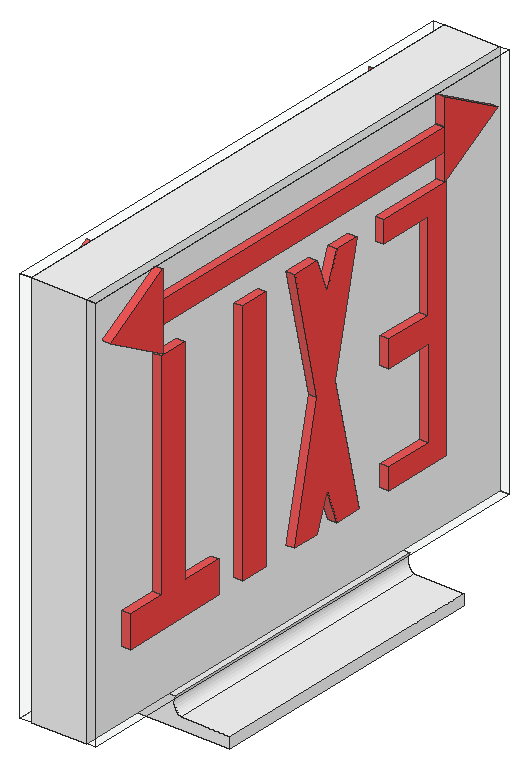
Revit family "CLS_Ceiling", category Lighting Fixtures, host Face, Revit 2021
Family settings
  Host = Face
  Round Connector Dimension = Use Diameter
  Part Type = Normal
  OmniClass Number = 23.80.70.11.21
  OmniClass Title = Emergency Lighting
  Cut with Voids When Loaded = No
  Light Source = No
  Shared = No
  Room Calculation Point = No
Parameters (values of type "CLS-D-EXIT-Double_Arrow")
  zz Length 1 [instance] = if([EXIT - Single Face], 0.200", 0.250")  # 0.200"
  Watts = 3.72 W
  Wattage Comments = "3.72 W"
  Warranty = "Fixture: 5 Years Full; Battery: 2 Years Full, 8 Years Pro-Rata"  # constant formula
  Wall Plate Material = Black
  Voltage [instance] = if(Is 120VAC, 120 V, 277 V)  # 120 V
  URL = "www.currentlighting.com/dual-Lite"
  Type Comments = "Exit Light"  # constant formula
  Product Page URL = ""
  Product Documentation Link = ""
  EXIT - Single Face = yes
  STAIR - Single Face = no
  STAIR - Double Face = no
  Right Arrow - Single = yes
  Right Arrow - Double = yes
  Model = "CLS"
  Manufacturer = "DUAL-LITE"  # constant formula
  Load Classification = Lighting
  Lens = Red Glass
  Left Arrow - Single = yes
  Left Arrow - Double = yes
  Lamp = "LED Lamp"  # constant formula
  Is 277VAC [instance] = not(Is 120VAC)  # no
  Is 120VAC [instance] = yes
  Holder Material = Steel
  Glass = Glass
  Finish = White
  Features = "Improved one-piece design in AC or emergency operation\r\nHighly reliable and energy efficient LED illumination\r\nLong lasting Nickel Cadmium Battery\r\nGlass panels with EXIT or STAIRS"  # constant formula
  End = C : C1
  EXIT - Double Face = yes
  Description = "The CLS Series offers bright and even LED EXIT or STAIRS glass panel illumination with Red letters, white LED's and a 20 gauge, durable steel housing. Features include AC or Emergency operation in single or double face. 120/277 VAC input. City of Chicago approved."  # constant formula
  Default Elevation = 48.000"
  Certification = "UL 924 Listed\r\nNFPA 101 Life Safety Code\r\nCEC T20 Compliant"  # constant formula
  Arrow Base - Single = yes
  Arrow Base - Double = yes
  Application = "The Sempra® MR Series are a set of compact, low-profile Master/\r\nRemote exit sign featuring cast aluminum construction. It allows for\r\neasy installation and has energy saving, long-life LED lamps. "  # constant formula
  Apparent Load = Watts  # 3.72 VA
Types (16): name | zz Length 1 | EXIT - Single Face | STAIR - Single Face | STAIR - Double Face | Right Arrow - Single | Right Arrow - Double | Left Arrow - Single | Left Arrow - Double | Glass | EXIT - Double Face | Arrow Base - Single | Arrow Base - Double
  CLS-S-EXIT-No_arrows | 0.200" | yes | no | no | no | no | no | no | Glass | no | no | no
  CLS-S-EXIT-Right_Arrow | 0.200" | yes | no | no | yes | no | no | no | light Glass | no | yes | no
  CLS-S-EXIT-Left_Arrow | 0.200" | yes | no | no | no | no | yes | no | light Glass | no | yes | no
  CLS-S-EXIT-Double_Arrow | 0.200" | yes | no | no | yes | no | yes | no | light Glass | no | yes | no
  CLS-D-EXIT-No_Arrows | 0.200" | yes | no | no | no | no | no | no | light Glass | yes | no | no
  CLS-D-EXIT-Left_Arrow | 0.200" | yes | no | no | no | yes | yes | no | light Glass | yes | yes | yes
  CLS-D-EXIT-Right_Arrow | 0.200" | yes | no | no | yes | no | no | yes | light Glass | yes | yes | yes
  CLS-D-EXIT-Double_Arrow | 0.200" | yes | no | no | yes | yes | yes | yes | Glass | yes | yes | yes
  CLS-S-STAIRS-No_Arrows | 0.250" | no | yes | no | no | no | no | no | Glass | no | no | no
  CLS-S-STAIRS-Right_Arrow | 0.250" | no | yes | no | yes | no | no | no | Glass | no | yes | no
  CLS-S-STAIRS-Left_Arrow | 0.250" | no | yes | no | no | no | yes | no | Glass | no | yes | no
  CLS-S-STAIRS-Double_Arrow | 0.250" | no | yes | no | yes | no | yes | no | Glass | no | yes | no
  CLS-D-STAIRS-No_Arrow | 0.250" | no | yes | yes | no | no | no | no | Glass | no | no | no
  CLS-D-STAIRS-Right_Arrow | 0.250" | no | yes | yes | yes | no | no | yes | Glass | no | yes | yes
  CLS-D-STAIRS-Left_Arrow | 0.250" | no | yes | yes | no | yes | yes | no | Glass | no | yes | yes
  CLS-D-STAIRS-Double_Arrow | 0.250" | no | yes | yes | yes | yes | yes | yes | Glass | no | yes | yes
Reference planes (in)
  plane 1 "Center (Front/Back)": y = 0
  plane 2: z = 0
  plane 3 "Center (Left/Right)": x = 0
  plane 4: x = -6.25
  plane 5: x = 6.25
  plane 6: x = -2.75
  plane 7: x = 2.75
  plane 8: z = 9.3
  plane 9: y = -1.25
  plane 10: y = 1.25
  plane 11: y = -2.2
  plane 12: y = 2.2
Forms (in)
  Extrusion 1, solid, material "White"
    sketch origin (-0.33698, -0.33698, 0) x (1, 0, 0) y (0, 0, 1)
      loop
        line (2.20258, 0) -> (2.20258, 0.24288) -> (1.0795, 0.24288)
        arc (1.0795, 0.24288) -> (0.94157, 0.42301) -> (0.97906, 0.64676) r 0.28476
        line (0.97906, 0.64676) -> (-0.97906, 0.64676)
        arc (-0.97906, 0.64676) -> (-0.94157, 0.42301) -> (-1.0795, 0.24288) r 0.28476
        line (-1.0795, 0.24288) -> (-2.20258, 0.24288) -> (-2.20258, 0) -> (2.20258, 0)
    from -3.46752 to 3.16302
Dimensions and locks (in)
  plane 4 to plane 3 "Center (Left/Right)" = 6.250"
  equal spacing: plane 4, plane 3 "Center (Left/Right)", plane 5
  equal spacing: plane 6, plane 3 "Center (Left/Right)", plane 7
  plane 6 to plane 3 "Center (Left/Right)" = 2.750"
  plane 7 to plane 6 = 5.500"
  plane 5 to plane 4 = 12.500"
  aligned and locked: plane 2 to host face
  aligned and locked: level to host face
Automatic sketch dimensions
  host sketch curve to host sketch curve = 96.000"  (x2)
  Extrusion 1 sketch curve to level = 0.000"
  plane 6 to Extrusion 1 sketch curve = 0.21043"
  level to Extrusion 1 sketch curve = 0.49173"
  Extrusion 1 sketch curve to Extrusion 1 sketch curve = 0.98467"
  Extrusion 1 sketch curve to Extrusion 1 sketch curve = 0.13842"  (x2)
  Extrusion 1 sketch curve to Extrusion 1 sketch curve = 0.23886"
  plane 3 "Center (Left/Right)" to Extrusion 1 sketch curve = 0.64208"
  Extrusion 1 sketch curve to Extrusion 1 sketch curve = 0.10044"
  level to Extrusion 1 sketch curve = 0.24288"
  Extrusion 1 sketch curve to plane 7 = 0.8844"
  Extrusion 1 sketch curve to Extrusion 1 sketch curve = 0.24288"
Nested families (in)
  nested 1: "C" at (-0.14499, 0, -0.73324) x (0, -1, 0) z (0, 0, 1), type <- "End", type "C1"
Connectors (in)
  electrical at (-0.33698, -0.18473, 0), driven by "Voltage", driven by "Apparent Load"
    settings: on Extrusion 1, index 1, voltage 120 V, apparent load 3.72 VA, apparent load phase1 0 VA, apparent load phase2 0 VA, apparent load phase3 0 VA, power factor 1, load classification "Other", number of poles 1, system type 30, power factor state 1, is connector primary yes, connector utility no, sub classification motor no, connector description "Lighting Connector"
Definition of nested family "C"
  Parameters
    STAIRS-Single Face = yes
    STAIRS-Double Face = yes
    EXIT-Single Face = yes
    Right Arrow - Single = yes
    Right Arrow - Double = yes
    Lens = none
    Left Arrow - Single = yes
    Left Arrow - Double = yes
    Glass = none
    Finish = none
    EXIT-Double Face = yes
    Default Elevation = 0.000"
    Arrow base-Double = yes
    Arrow base - Single = yes
  Reference planes (in)
    plane 1 "Center (Front/Back)": y = 0
    plane 2: z = 0
    plane 3 "Center (Left/Right)": x = 0
    plane 4: x = -5.625
    plane 5: x = 5.625
    plane 6: y = 0.866
    plane 7: y = -0.866
    plane 8: z = 12.375
  Forms (in)
    Extrusion 1, solid, material <- "Finish"
      sketch origin (0, 0.02507, 10.68) x (-1, 0, 0) y (0, 0, -1)
        loop
          line (-5.875, 9.3) -> (-5.875, 0.25) -> (5.875, 0.25) -> (5.875, 9.3) -> (-5.875, 9.3)
      from -0.625 to 0.625
    Extrusion 2, solid, material <- "Lens", visible <- "EXIT-Single Face"
      sketch origin (0, 0.02507, 2.07542) x (1, 0, 0) y (0, 0, 1)
        loop
          line (2.43416, 6.45678) -> (2.43416, 5.97564) -> (3.5716, 5.97564) -> (3.5716, 3.97225) -> (2.43416, 3.97225) -> (2.43416, 3.36683) -> (3.55274, 3.3823) -> (3.55274, 1.3823) -> (2.30274, 1.3823) -> (2.30274, 0.8823) -> (4.05274, 0.8823) -> (4.05274, 6.45678) -> (2.43416, 6.45678)
        loop
          line (1.58093, 6.45573) -> (0.95036, 6.45573) -> (0.67318, 5.69418) -> (0.396, 6.45573) -> (-0.23457, 6.45573) -> (0.40867, 3.66954) -> (-0.23457, 0.88335) -> (0.396, 0.88335) -> (0.67318, 1.64489) -> (0.95036, 0.88335) -> (1.53078, 0.88335) -> (0.91261, 3.56092) -> (1.58093, 6.45573)
        loop
          line (-1.71319, 6.47228) -> (-1.71319, 0.88335) -> (-1.04357, 0.88335) -> (-1.04357, 6.47228) -> (-1.71319, 6.47228)
        loop
          line (-2.31807, 1.07085) -> (-2.31807, 1.80238) -> (-3.19038, 1.80238) -> (-3.19038, 6.65978) -> (-3.86, 6.65978) -> (-3.86, 1.80238) -> (-4.82984, 1.80238) -> (-4.82984, 1.07085) -> (-2.31807, 1.07085)
      from 0.625 to 0.89107
    Extrusion 3, solid, material <- "Glass", visible <- "EXIT-Single Face"
      sketch origin (0, 0.02507, 10.68) x (-1, 0, 0) y (0, 0, -1)
        loop
          line (-5.875, 9.305) -> (-5.875, 0.25) -> (5.875, 0.25) -> (5.875, 9.305) -> (-5.875, 9.305)
      from 0.625 to 0.89107
    Extrusion 4, solid, material <- "Lens", visible <- "EXIT-Double Face"
      sketch origin (0, 0.02507, 9.43) x (-1, 0, 0) y (0, 0, 1)
        loop
          line (2.43416, -6.45678) -> (4.05274, -6.45678) -> (4.05274, -0.8823) -> (2.30274, -0.8823) -> (2.30274, -1.3823) -> (3.55274, -1.3823) -> (3.55274, -3.3823) -> (2.43416, -3.36683) -> (2.43416, -3.97225) -> (3.5716, -3.97225) -> (3.5716, -5.97564) -> (2.43416, -5.97564) -> (2.43416, -6.45678)
        loop
          line (1.58093, -6.45573) -> (0.91261, -3.56092) -> (1.53078, -0.88335) -> (0.95036, -0.88335) -> (0.67318, -1.64489) -> (0.396, -0.88335) -> (-0.23457, -0.88335) -> (0.40867, -3.66954) -> (-0.23457, -6.45573) -> (0.396, -6.45573) -> (0.67318, -5.69418) -> (0.95036, -6.45573) -> (1.58093, -6.45573)
        loop
          line (-1.71319, -6.47228) -> (-1.04357, -6.47228) -> (-1.04357, -0.88335) -> (-1.71319, -0.88335) -> (-1.71319, -6.47228)
        loop
          line (-4.89234, -6.47228) -> (-2.38057, -6.47228) -> (-2.38057, -5.74075) -> (-3.35041, -5.74075) -> (-3.35041, -0.88335) -> (-4.02003, -0.88335) -> (-4.02003, -5.74075) -> (-4.89234, -5.74075) -> (-4.89234, -6.47228)
      from 0.625 to 0.84093
    Extrusion 5, solid, material <- "Glass", visible <- "EXIT-Double Face"
      sketch origin (0, 0.02507, 10.68) x (-1, 0, 0) y (0, 0, 1)
        loop
          line (5.875, -9.3) -> (5.875, -0.25) -> (-5.875, -0.25) -> (-5.875, -9.3) -> (5.875, -9.3)
      from 0.625 to 0.84093
    Extrusion 6, solid, material <- "Lens", visible <- "Arrow base-Double"
      sketch origin (5.9025, 0, 5.9025) x (0, 0, 1) y (-1, 0, 0)
        loop
          line (3.26823, 9.93122) -> (3.26823, 1.93122) -> (3.76823, 1.93122) -> (3.76823, 9.93122) -> (3.26823, 9.93122)
      from -0.866 to -0.65007
    Extrusion 7, solid, material <- "Lens", visible <- "Left Arrow - Double"
      sketch origin (5.9025, 0, 5.9025) x (0, 0, 1) y (-1, 0, 0)
        loop
          line (4.39221, 9.92839) -> (3.52618, 11.42839) -> (2.66016, 9.92839) -> (3.27618, 9.92839) -> (3.77618, 9.92839) -> (4.39221, 9.92839)
      from -0.866 to -0.65007
    Extrusion 8, solid, material <- "Lens", visible <- "Right Arrow - Double"
      sketch origin (-5.95995, 0, 5.9025) x (0, 0, 1) y (-1, 0, 0)
        loop
          line (4.39221, -9.92839) -> (3.77618, -9.92839) -> (3.27618, -9.92839) -> (2.66016, -9.92839) -> (3.52618, -11.42839) -> (4.39221, -9.92839)
      from -0.866 to -0.65007
    Extrusion 9, solid, material <- "Lens", visible <- "Arrow base - Single"
      sketch origin (5.9025, 0, 5.9025) x (0, 0, 1) y (1, 0, 0)
        loop
          line (3.26823, -9.93122) -> (3.76823, -9.93122) -> (3.76823, -1.93122) -> (3.26823, -1.93122) -> (3.26823, -9.93122)
      from -0.866 to -0.65007
    Extrusion 10, solid, material <- "Lens", visible <- "Right Arrow - Single"
      sketch origin (5.9025, 0, 5.9025) x (0, 0, 1) y (1, 0, 0)
        loop
          line (4.39221, -9.92839) -> (3.77618, -9.92839) -> (3.27618, -9.92839) -> (2.66016, -9.92839) -> (3.52618, -11.42839) -> (4.39221, -9.92839)
      from -0.866 to -0.65007
    Extrusion 11, solid, material <- "Lens", visible <- "Left Arrow - Single"
      sketch origin (-5.95995, 0, 5.9025) x (0, 0, 1) y (1, 0, 0)
        loop
          line (4.39221, 9.92839) -> (3.52618, 11.42839) -> (2.66016, 9.92839) -> (3.27618, 9.92839) -> (3.77618, 9.92839) -> (4.39221, 9.92839)
      from -0.866 to -0.65007
    Extrusion 12, solid, material <- "Lens", visible <- "STAIRS-Single Face"
      sketch origin (5.9025, 0, 5.4025) x (0, 0, 1) y (-1, 0, 0)
        loop
          line (-1.88113, 2.19677) -> (-2.69478, 2.19677)
          arc (-2.69478, 2.19677) -> (-2.87155, 2.12355) -> (-2.94478, 1.94677) r 0.25
          line (-2.94478, 1.94677) -> (-2.94478, 0.54083)
          arc (-2.94478, 0.54083) -> (-2.84401, 0.29754) -> (-2.60072, 0.19677) r 0.34405
          line (-2.60072, 0.19677) -> (-0.02929, 0.19677)
          arc (-0.02929, 0.19677) -> (0.22934, 0.3039) -> (0.33647, 0.56253) r 0.36576
          line (0.33647, 0.56253) -> (0.33647, 1.31851)
          arc (0.33647, 1.31851) -> (0.375, 1.45185) -> (0.47871, 1.54409) r 0.25
          line (0.47871, 1.54409) -> (2.31495, 1.54409)
          arc (2.31495, 1.54409) -> (2.43984, 1.49236) -> (2.49157, 1.36747) r 0.17663
          line (2.49157, 1.36747) -> (2.49157, 1.16329)
          arc (2.49157, 1.16329) -> (2.45666, 1.079) -> (2.37237, 1.04409) r 0.1192
          line (2.37237, 1.04409) -> (1.99157, 1.04409) -> (1.99157, 0.25958) -> (2.80522, 0.25958)
          arc (2.80522, 0.25958) -> (2.982, 0.3328) -> (3.05522, 0.50958) r 0.25
          line (3.05522, 0.50958) -> (3.05522, 1.91552)
          arc (3.05522, 1.91552) -> (3.01658, 2.07394) -> (2.90934, 2.19677) r 0.34405
          line (2.90934, 2.19677) -> (-0.09988, 2.19677)
          arc (-0.09988, 2.19677) -> (-0.27666, 2.12355) -> (-0.34988, 1.94677) r 0.25
          line (-0.34988, 1.94677) -> (-0.34988, 1.16226)
          arc (-0.34988, 1.16226) -> (-0.4231, 0.98548) -> (-0.59988, 0.91226) r 0.25
          line (-0.59988, 0.91226) -> (-2.20451, 0.91226)
          arc (-2.20451, 0.91226) -> (-2.3294, 0.96399) -> (-2.38113, 1.08888) r 0.17663
          line (-2.38113, 1.08888) -> (-2.38113, 1.29306)
          arc (-2.38113, 1.29306) -> (-2.34622, 1.37735) -> (-2.26193, 1.41226) r 0.1192
          line (-2.26193, 1.41226) -> (-1.88113, 1.41226) -> (-1.88113, 2.19677)
        loop
          line (-2.91247, 4.66984) -> (-2.91247, 2.47057) -> (-2.0247, 2.47057) -> (-2.0247, 3.21788) -> (3.05145, 3.21788) -> (3.05145, 3.8875) -> (-2.0247, 3.8875) -> (-2.0247, 4.66984) -> (-2.91247, 4.66984)
        loop
          line (-2.94372, 6.63357) -> (3.05926, 6.63357) -> (3.05926, 7.30319) -> (-2.94372, 7.30319) -> (-2.94372, 6.63357)
        loop
          line (-2.91247, 5.08785) -> (3.05522, 4.35511) -> (3.05522, 5.10511) -> (1.58343, 5.3912) -> (3.05522, 5.73818) -> (3.05522, 6.48818) -> (-2.91247, 5.78633) -> (-2.91247, 5.08785)
        loop
          line (0.65691, 5.38371) -> (1.13031, 5.29169) -> (1.13031, 5.49532) -> (0.65691, 5.38371)
        loop
          line (-2.94372, 7.44857) -> (3.05926, 7.44857) -> (3.05926, 8.11819) -> (1.15884, 8.11819) -> (3.06092, 8.56662) -> (3.06092, 9.31662) -> (-0.34988, 8.5125) -> (-0.34988, 9.02445)
          arc (-0.34988, 9.02445) -> (-0.45056, 9.26751) -> (-0.69362, 9.36819) r 0.34374
          line (-0.69362, 9.36819) -> (-2.69372, 9.36819)
          arc (-2.69372, 9.36819) -> (-2.8705, 9.29497) -> (-2.94372, 9.11819) r 0.25
          line (-2.94372, 9.11819) -> (-2.94372, 8.11819) -> (-2.94372, 7.44857)
        loop
          arc (-2.19372, 8.28281) -> (-2.14551, 8.16641) -> (-2.0291, 8.11819) r 0.16462
          line (-2.0291, 8.11819) -> (-1.11412, 8.11819)
          arc (-1.11412, 8.11819) -> (-0.99363, 8.1681) -> (-0.94372, 8.28859) r 0.1704
          line (-0.94372, 8.28859) -> (-0.94372, 8.61819)
          arc (-0.94372, 8.61819) -> (-1.01695, 8.79497) -> (-1.19372, 8.86819) r 0.25
          line (-1.19372, 8.86819) -> (-1.89265, 8.86819)
          arc (-1.89265, 8.86819) -> (-2.10554, 8.78001) -> (-2.19372, 8.56711) r 0.30108
          line (-2.19372, 8.56711) -> (-2.19372, 8.28281)
        loop
          line (-1.88113, 11.63427) -> (-2.69478, 11.63427)
          arc (-2.69478, 11.63427) -> (-2.87155, 11.56105) -> (-2.94478, 11.38427) r 0.25
          line (-2.94478, 11.38427) -> (-2.94478, 9.97833)
          arc (-2.94478, 9.97833) -> (-2.84401, 9.73504) -> (-2.60072, 9.63427) r 0.34405
          line (-2.60072, 9.63427) -> (-0.02929, 9.63427)
          arc (-0.02929, 9.63427) -> (0.22934, 9.7414) -> (0.33647, 10.00003) r 0.36576
          line (0.33647, 10.00003) -> (0.33647, 10.75601)
          arc (0.33647, 10.75601) -> (0.375, 10.88935) -> (0.47871, 10.98159) r 0.25
          line (0.47871, 10.98159) -> (2.31495, 10.98159)
          arc (2.31495, 10.98159) -> (2.43984, 10.92986) -> (2.49157, 10.80497) r 0.17663
          line (2.49157, 10.80497) -> (2.49157, 10.60079)
          arc (2.49157, 10.60079) -> (2.45666, 10.5165) -> (2.37237, 10.48159) r 0.1192
          line (2.37237, 10.48159) -> (1.99157, 10.48159) -> (1.99157, 9.69708) -> (2.80522, 9.69708)
          arc (2.80522, 9.69708) -> (2.982, 9.7703) -> (3.05522, 9.94708) r 0.25
          line (3.05522, 9.94708) -> (3.05522, 11.35302)
          arc (3.05522, 11.35302) -> (3.01658, 11.51144) -> (2.90934, 11.63427) r 0.34405
          line (2.90934, 11.63427) -> (-0.09988, 11.63427)
          arc (-0.09988, 11.63427) -> (-0.27666, 11.56105) -> (-0.34988, 11.38427) r 0.25
          line (-0.34988, 11.38427) -> (-0.34988, 10.59976)
          arc (-0.34988, 10.59976) -> (-0.4231, 10.42298) -> (-0.59988, 10.34976) r 0.25
          line (-0.59988, 10.34976) -> (-2.20451, 10.34976)
          arc (-2.20451, 10.34976) -> (-2.3294, 10.40149) -> (-2.38113, 10.52638) r 0.17663
          line (-2.38113, 10.52638) -> (-2.38113, 10.73056)
          arc (-2.38113, 10.73056) -> (-2.34622, 10.81485) -> (-2.26193, 10.84976) r 0.1192
          line (-2.26193, 10.84976) -> (-1.88113, 10.84976) -> (-1.88113, 11.63427)
      from 0.59993 to 0.866
    Extrusion 13, solid, material <- "Lens", visible <- "STAIRS-Double Face"
      sketch origin (-5.9025, 0, 5.4025) x (0, 0, 1) y (1, 0, 0)
        loop
          line (-1.88113, 2.19677) -> (-2.69478, 2.19677)
          arc (-2.69478, 2.19677) -> (-2.87155, 2.12355) -> (-2.94478, 1.94677) r 0.25
          line (-2.94478, 1.94677) -> (-2.94478, 0.54083)
          arc (-2.94478, 0.54083) -> (-2.84401, 0.29754) -> (-2.60072, 0.19677) r 0.34405
          line (-2.60072, 0.19677) -> (-0.02929, 0.19677)
          arc (-0.02929, 0.19677) -> (0.22934, 0.3039) -> (0.33647, 0.56253) r 0.36576
          line (0.33647, 0.56253) -> (0.33647, 1.31851)
          arc (0.33647, 1.31851) -> (0.375, 1.45185) -> (0.47871, 1.54409) r 0.25
          line (0.47871, 1.54409) -> (2.31495, 1.54409)
          arc (2.31495, 1.54409) -> (2.43984, 1.49236) -> (2.49157, 1.36747) r 0.17663
          line (2.49157, 1.36747) -> (2.49157, 1.16329)
          arc (2.49157, 1.16329) -> (2.45666, 1.079) -> (2.37237, 1.04409) r 0.1192
          line (2.37237, 1.04409) -> (1.99157, 1.04409) -> (1.99157, 0.25958) -> (2.80522, 0.25958)
          arc (2.80522, 0.25958) -> (2.982, 0.3328) -> (3.05522, 0.50958) r 0.25
          line (3.05522, 0.50958) -> (3.05522, 1.91552)
          arc (3.05522, 1.91552) -> (3.01658, 2.07394) -> (2.90934, 2.19677) r 0.34405
          line (2.90934, 2.19677) -> (-0.09988, 2.19677)
          arc (-0.09988, 2.19677) -> (-0.27666, 2.12355) -> (-0.34988, 1.94677) r 0.25
          line (-0.34988, 1.94677) -> (-0.34988, 1.16226)
          arc (-0.34988, 1.16226) -> (-0.4231, 0.98548) -> (-0.59988, 0.91226) r 0.25
          line (-0.59988, 0.91226) -> (-2.20451, 0.91226)
          arc (-2.20451, 0.91226) -> (-2.3294, 0.96399) -> (-2.38113, 1.08888) r 0.17663
          line (-2.38113, 1.08888) -> (-2.38113, 1.29306)
          arc (-2.38113, 1.29306) -> (-2.34622, 1.37735) -> (-2.26193, 1.41226) r 0.1192
          line (-2.26193, 1.41226) -> (-1.88113, 1.41226) -> (-1.88113, 2.19677)
        loop
          line (-2.91247, 4.66984) -> (-2.91247, 2.47057) -> (-2.0247, 2.47057) -> (-2.0247, 3.21788) -> (3.05145, 3.21788) -> (3.05145, 3.8875) -> (-2.0247, 3.8875) -> (-2.0247, 4.66984) -> (-2.91247, 4.66984)
        loop
          line (-2.94372, 6.63357) -> (3.05926, 6.63357) -> (3.05926, 7.30319) -> (-2.94372, 7.30319) -> (-2.94372, 6.63357)
        loop
          line (-2.91247, 5.08785) -> (3.05522, 4.35511) -> (3.05522, 5.10511) -> (1.58343, 5.3912) -> (3.05522, 5.73818) -> (3.05522, 6.48818) -> (-2.91247, 5.78633) -> (-2.91247, 5.08785)
        loop
          line (0.65691, 5.38371) -> (1.13031, 5.29169) -> (1.13031, 5.49532) -> (0.65691, 5.38371)
        loop
          line (-2.94372, 7.44857) -> (3.05926, 7.44857) -> (3.05926, 8.11819) -> (1.15884, 8.11819) -> (3.06092, 8.56662) -> (3.06092, 9.31662) -> (-0.34988, 8.5125) -> (-0.34988, 9.02445)
          arc (-0.34988, 9.02445) -> (-0.45056, 9.26751) -> (-0.69362, 9.36819) r 0.34374
          line (-0.69362, 9.36819) -> (-2.69372, 9.36819)
          arc (-2.69372, 9.36819) -> (-2.8705, 9.29497) -> (-2.94372, 9.11819) r 0.25
          line (-2.94372, 9.11819) -> (-2.94372, 8.11819) -> (-2.94372, 7.44857)
        loop
          arc (-2.19372, 8.28281) -> (-2.14551, 8.16641) -> (-2.0291, 8.11819) r 0.16462
          line (-2.0291, 8.11819) -> (-1.11412, 8.11819)
          arc (-1.11412, 8.11819) -> (-0.99363, 8.1681) -> (-0.94372, 8.28859) r 0.1704
          line (-0.94372, 8.28859) -> (-0.94372, 8.61819)
          arc (-0.94372, 8.61819) -> (-1.01695, 8.79497) -> (-1.19372, 8.86819) r 0.25
          line (-1.19372, 8.86819) -> (-1.89265, 8.86819)
          arc (-1.89265, 8.86819) -> (-2.10554, 8.78001) -> (-2.19372, 8.56711) r 0.30108
          line (-2.19372, 8.56711) -> (-2.19372, 8.28281)
        loop
          line (-1.88113, 11.63427) -> (-2.69478, 11.63427)
          arc (-2.69478, 11.63427) -> (-2.87155, 11.56105) -> (-2.94478, 11.38427) r 0.25
          line (-2.94478, 11.38427) -> (-2.94478, 9.97833)
          arc (-2.94478, 9.97833) -> (-2.84401, 9.73504) -> (-2.60072, 9.63427) r 0.34405
          line (-2.60072, 9.63427) -> (-0.02929, 9.63427)
          arc (-0.02929, 9.63427) -> (0.22934, 9.7414) -> (0.33647, 10.00003) r 0.36576
          line (0.33647, 10.00003) -> (0.33647, 10.75601)
          arc (0.33647, 10.75601) -> (0.375, 10.88935) -> (0.47871, 10.98159) r 0.25
          line (0.47871, 10.98159) -> (2.31495, 10.98159)
          arc (2.31495, 10.98159) -> (2.43984, 10.92986) -> (2.49157, 10.80497) r 0.17663
          line (2.49157, 10.80497) -> (2.49157, 10.60079)
          arc (2.49157, 10.60079) -> (2.45666, 10.5165) -> (2.37237, 10.48159) r 0.1192
          line (2.37237, 10.48159) -> (1.99157, 10.48159) -> (1.99157, 9.69708) -> (2.80522, 9.69708)
          arc (2.80522, 9.69708) -> (2.982, 9.7703) -> (3.05522, 9.94708) r 0.25
          line (3.05522, 9.94708) -> (3.05522, 11.35302)
          arc (3.05522, 11.35302) -> (3.01658, 11.51144) -> (2.90934, 11.63427) r 0.34405
          line (2.90934, 11.63427) -> (-0.09988, 11.63427)
          arc (-0.09988, 11.63427) -> (-0.27666, 11.56105) -> (-0.34988, 11.38427) r 0.25
          line (-0.34988, 11.38427) -> (-0.34988, 10.59976)
          arc (-0.34988, 10.59976) -> (-0.4231, 10.42298) -> (-0.59988, 10.34976) r 0.25
          line (-0.59988, 10.34976) -> (-2.20451, 10.34976)
          arc (-2.20451, 10.34976) -> (-2.3294, 10.40149) -> (-2.38113, 10.52638) r 0.17663
          line (-2.38113, 10.52638) -> (-2.38113, 10.73056)
          arc (-2.38113, 10.73056) -> (-2.34622, 10.81485) -> (-2.26193, 10.84976) r 0.1192
          line (-2.26193, 10.84976) -> (-1.88113, 10.84976) -> (-1.88113, 11.63427)
      from 0.59993 to 0.866
  Dimensions and locks (in)
    Extrusion 5 to Extrusion 3 = 1.732"
    plane 8 to plane 2 = 12.375"
    plane 5 to plane 3 "Center (Left/Right)" to plane 4 = 5.625", 5.625"
    plane 5 to plane 4 = 11.250"
    aligned and locked: plane 2 to level
